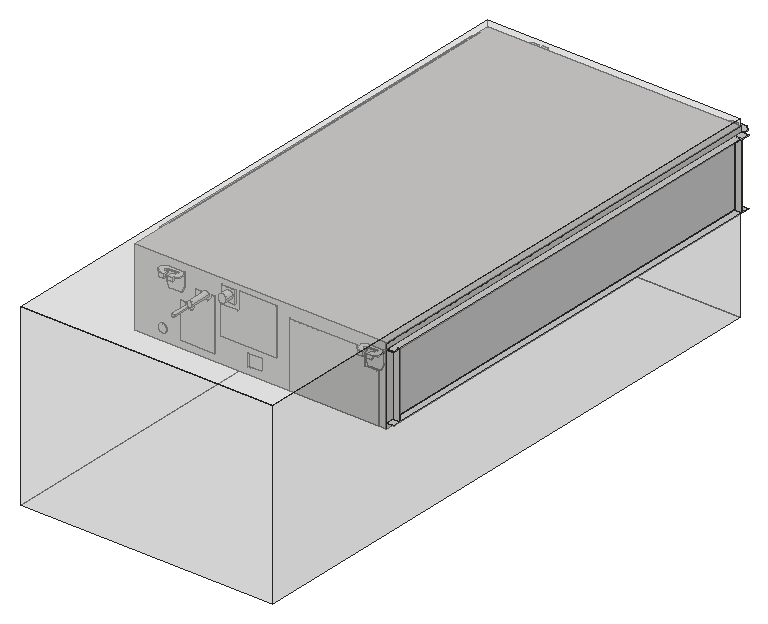
Revit family "outputfile", category 機械設備, Revit 2024
Family settings
  丸型コネクタ寸法 = 半径を使用
  パーツ タイプ = 標準
  OmniClass 番号 = 23.75.10.24.21.27.27
  OmniClass タイトル = Split System Air Conditioning Units
  作業面ベース = いいえ
  常に垂直 = はい
  ロード時にボイドで切り取り = いいえ
  注釈の向きを維持 = いいえ
  共有 = いいえ
  部屋計算ポイント = はい
Parameters (values of type "FBA125BVMA")
  製造元 = "Daikin"
  書き出し IFC クラス(タイプ) = "IfcUnitaryEquipmentType"
  定義済み IFC タイプ(タイプ) = "AIRCONDITIONINGUNIT"
  モデル = "FBA125BVMA"
  switch_frequency = yes
  r_Liquid Pipe Size = Liquid Pipe Size / 2  # 4.75 mm
  r_Gas Pipe Size = Gas Pipe Size / 2  # 7.95 mm
  r_Drain Pipe Size = Drain Pipe Size / 2  # 12.5 mm
  lw_power = 770.0 mm  # constant formula
  lh_SA = 138.0 mm  # constant formula
  lw_SA = if(Width = 550.0 mm, 225.0 mm, if(Width = 700.0 mm, 300.0 mm, if(Width = 1000.0 mm, 450.0 mm, if(Width = 1400.0 mm, 650.0 mm, 725.0 mm))))  # 650.0 mm
  lw_RA = if(Width = 550.0 mm, 275.0 mm, if(Width = 700.0 mm, 349.0 mm, if(Width = 1000.0 mm, 499.0 mm, if(Width = 1400.0 mm, 699.0 mm, 775.0 mm))))  # 699.0 mm
  lh_power = 60.0 mm + [h***]  # 60.0 mm
  lh_mountinghole1 = lh_mountinghole + [h***]  # 222.0 mm
  lh_RA = 123.0 mm  # constant formula
  ld_power = Width / 2  # 700.0 mm
  connector_voltage = Voltage_50Hz  # 230 V
  connector_powerinput = [Power Input (Cooling)]  # 4.440 kW
  connector_phase = Phase_50Hz  # 1
  Voltage_comment_60Hz = "220-230"
  Voltage_comment_50Hz = "220 - 240"
  Voltage_60Hz = 220 V
  Voltage_50Hz = 230 V
  Total Heating Capacity [instance] = 0.000 kW
  Supply Air Direction [instance] = yes
  Sound Power Level_H speed (dB) = 0
  Power Input (Heating) = 0.000 kW
  Phase_60Hz = 1
  Phase_50Hz = 1
  Nominal Heating Capacity = 0.000 kW
  Minimum External Static Pressure = 0.00 Pa
  Minimum Circuit Amps_60Hz = 0.0 A
  Minimum Circuit Amps_50Hz = 0.0 A
  Maximum Fuse Amps_60Hz = 0.0 A
  Maximum Fuse Amps_50Hz = 0.0 A
  Maximum External Static Pressure = 0.00 Pa
  Material_Casing = DAIKIN_GalvanizedSteel_Casing_indoorunit
  lw_mountinghole = 630.0 mm  # constant formula
  lh_gaspipe = 183.0 mm + [h***]  # 183.0 mm
  lh_mountinghole = 222.0 mm  # constant formula
  lh_liquidpipe = 136.0 mm + [h***]  # 136.0 mm
  lh_drainpipe = 207.0 mm + [h***]  # 207.0 mm
  lh_antena = Height - lh_mountinghole + 1.0 mm  # 24.0 mm
  ld_drainpipe = Width / 2 + 26.0 mm  # 726.0 mm
  ld_liquidpipe = Width / 2 + 69.0 mm  # 769.0 mm
  ld_gaspipe = Width / 2 + 65.0 mm  # 765.0 mm
  ld_mountinghole = Width + 38.0 mm  # 1438.0 mm
  h*** = 0.0 mm  # constant formula
  lw_liquidpipe = 179.0 mm  # constant formula
  lw_gaspipe = 229.0 mm  # constant formula
  lw_drainpipe = 300.0 mm  # constant formula
  Width = 1400.0 mm
  Version = "ver.1.0"
  Unit Type = "Duct"
  Unit Mass Weight = 47.00 kg
  Unit Designation [instance] = ""
  Uniclass2015Version = "Products v1.30"
  Uniclass2015Title = "Split coil room air conditioning units"
  Uniclass2015Code = "Pr_70_65_03_86"
  Total Cooling Capacity [instance] = 0.000 kW
  Sound Pressure Level_M speed (dBA) = 37.5
  Sound Pressure Level_L speed (dBA) = 35
  Sound Pressure Level_H speed (dBA) = 40
  Series = "SkyAir_Fan Coil Unit"
  Sensible Cooling Capacity [instance] = 0.000 kW
  SA Duct Size Width = 1192.0 mm
  SA Duct Size Height = 176.0 mm
  Refrigerant Type = "R32"
  RA Duct Size Width = 1352.0 mm
  RA Duct Size Height = 208.0 mm
  Power Input (Cooling) = 4.440 kW
  Option Accessory 3 [instance] = ""
  Option Accessory 2 [instance] = ""
  Option Accessory 1 [instance] = ""
  Nominal Cooling Capacity = 12.500 kW
  Minimum Airflow = 1500.00 m³/h
  Median Airflow = 1830.00 m³/h
  Maximum Airflow = 2160.00 m³/h
  Load Classification = HVAC
  Liquid Pipe Size = 9.5 mm
  Link_Nested Family [instance] = ""
  IfcVersion = ""
  IfcExportType = "AIRCONDITIONINGUNIT"
  IfcExportAs = "IfcUnitaryEquipmentType"
  Height = 245.0 mm
  Heating Entering Wet Bulb Temperature [instance] = -273.15 °C
  Heating Entering Dry Bulb Temperature [instance] = -273.15 °C
  Heating Ambient Wet Bulb Temperature [instance] = -273.15 °C
  Heating Ambient Dry Bulb Temperature [instance] = -273.15 °C
  Heat Exchanger Type = "Cross Fin Coil"
  Gas Pipe Size = 15.9 mm
  Frequency_60Hz = 60 Hz
  Frequency_50Hz = 50 Hz
  Fan Type = "Sirocco Fan"
  Fan Drive = "-"
  FCU Tag No. [instance] = ""
  Drain Pipe Size = 25.0 mm
  Design Supply Airflow [instance] = 0.00 m³/h
  Design Return Airflow [instance] = 0.00 m³/h
  Design External Static Pressure [instance] = 0.00 Pa
  Depth = 800.0 mm
  既定の高さ = 0.0 mm
  Cooling Entering Wet Bulb Temperature [instance] = 0.00 °C
  Cooling Entering Dry Bulb Temperature [instance] = 0.00 °C
  Cooling Ambient Wet Bulb Temperature [instance] = 0.00 °C
  Cooling Ambient Dry Bulb Temperature [instance] = 0.00 °C
  Clearance visibility [instance] = yes
  Clearance Top = 20.0 mm
  Clearance Right = 0.0 mm
  Clearance Rear = 0.0 mm
  Clearance Left = 0.0 mm
  Clearance Front = 450.0 mm
  Clearance Bottom = 300.0 mm
Reference planes
  plane 1 "Center (Front/Back)": y = 0
  plane 2 "h": z = 0
  plane 3 "Center (Left/Right)": x = 0
  plane 4 "Back": y = 700
  plane 5 "Front": y = -700
  plane 6 "Left": x = -400
  plane 7 "Right": x = 400
  plane 8 "Top": z = 0
  plane 9 "Bottom": z = -245
  plane 10: y = -215
  plane 11: y = 700
  plane 12: y = -1150
  plane 13: x = -400
  plane 14: x = 400
  plane 15: z = 20
  plane 16: z = -545
  plane 17: x = -400
  plane 18: x = -399
  plane 19: x = 399
  plane 20: y = 50
  plane 21: y = -1
  plane 22: z = -122
  plane 23: y = -701
  plane 24: z = -109
  plane 25: x = -221
  plane 26: y = -765
  plane 27: z = -62
  plane 28: x = -171
  plane 29: y = -726
  plane 30: z = -38
  plane 31: x = -100
  plane 32: x = -100
  plane 33: x = -221
  plane 34: x = -171
  plane 35: x = 370
  plane 36: x = -266
  plane 37: x = 364
  plane 38: y = -719
  plane 39: y = 719
  plane 40: z = -23
  plane 41: z = -107
  plane 42: y = -769
  plane 43: z = -207
  plane 44: x = -309
  plane 45: y = -376
  plane 46: x = -251
  plane 47: x = -203
  plane 48: x = -144
  plane 49: z = -59
  plane 50: z = -106
  plane 51: z = -221
  plane 52: z = -109
  plane 53: x = -221
  plane 54: z = -62
  plane 55: x = -171
  plane 56: z = -17
  plane 57: z = -59
  plane 58: x = -121
  plane 59: x = -79
  plane 60: x = -125
  plane 61: x = -64
  plane 62: x = 53
  plane 63: z = -164
  plane 64: z = -73
  plane 65: z = -16
  plane 66: x = 93.5
  plane 67: x = 374.5
  plane 68: x = 330
  plane 69: z = -88.5
  plane 70: z = -38
  plane 71: z = -242.5
  plane 72: x = -38.5
  plane 73: x = 6.5
  plane 74: z = -181
  plane 75: z = -221
  plane 76: y = -699
  plane 77: x = -424
  plane 78: x = 424
Forms (mm)
  Extrusion 1, solid, material "DAIKIN_GalvanizedSteel_Casing_indoorunit" <- "Material_Casing"
    sketch origin (0, 0, 0) x (1, 0, 0) y (0, 1, 0)
      loop
        line (-399, 700) -> (-399, -700) -> (399, -700) -> (399, 700) -> (-399, 700)
    from -245 to 0
  Extrusion 2, solid, material "DAIKIN_GalvanizedSteel_Casing_indoorunit" <- "Material_Casing"
    sketch origin (0, 0, 0) x (1, 0, 0) y (0, 0, 1)
      loop
        line (-251, -221) -> (-144, -221) -> (-144, -59) -> (-154.47, -59)
        arc (-154.47, -59) -> (-171, -78.8) -> (-187.53, -59) r 16.8
        line (-187.53, -59) -> (-203, -59) -> (-203, -106) -> (-206.916, -106)
        arc (-206.916, -106) -> (-221, -123.4) -> (-235.084, -106) r 14.4
        line (-235.084, -106) -> (-251, -106) -> (-251, -221)
    from 700 to 701
  Extrusion 3, solid, material "DAIKIN_GalvanizedSteel_Casing_indoorunit" <- "Material_Casing"
    sketch origin (0, 0, 0) x (1, 0, 0) y (0, 0, 1)
      loop
        line (-121, -17) -> (-121, -59) -> (-79, -59) -> (-79, -17) -> (-121, -17)
      loop
        line (-125, -73) -> (-125, -164) -> (53, -164) -> (53, -16) -> (-64, -16) -> (-64, -73) -> (-125, -73)
    from 700 to 701
  Extrusion 4, solid, material "DAIKIN_GalvanizedSteel_Casing_indoorunit" <- "Material_Casing"
    sketch origin (0, 0, 0) x (1, 0, 0) y (0, 0, 1)
      loop
        line (93.5, -38) -> (93.5, -242.5) -> (374.5, -242.5) -> (374.5, -88.5) -> (330, -88.5) -> (330, -38) -> (93.5, -38)
    from 700 to 701
  Extrusion 5, solid, material "DAIKIN_GalvanizedSteel_Casing_indoorunit" <- "Material_Casing"
    sketch origin (0, 0, 0) x (1, 0, 0) y (0, 0, 1)
      loop
        circle (-221, -109) r 4.75
    from 700 to 769
  Extrusion 6, solid, material "DAIKIN_GalvanizedSteel_Casing_indoorunit" <- "Material_Casing"
    sketch origin (0, 0, 0) x (1, 0, 0) y (0, 0, 1)
      loop
        circle (-171, -62) r 7.95
    from 700 to 765
  Extrusion 7, solid, material "DAIKIN_GalvanizedSteel_Casing_indoorunit" <- "Material_Casing"
    sketch origin (0, 0, 0) x (1, 0, 0) y (0, 0, 1)
      loop
        circle (-100, -38) r 12.5
    from 701 to 726
  Extrusion 8, solid, material "DAIKIN_GalvanizedSteel_Casing_indoorunit" <- "Material_Casing"
    sketch origin (0, 0, 0) x (1, 0, 0) y (0, 0, 1)
      loop
        circle (-309, -207) r 13
    from 700 to 526
  Extrusion 9, void
    sketch origin (0, 0, 0) x (1, 0, 0) y (0, 0, 1)
      loop
        line (-38.5, -181) -> (-38.5, -221) -> (6.5, -221) -> (6.5, -181) -> (-38.5, -181)
    from 699 to 700
Cuts and joins
  Extrusion 9 cuts Extrusion 1
Dimensions and locks
  "Height": plane 8 "Top" to plane 9 "Bottom"
  equal spacing: plane 4 "Back", plane 1 "Center (Front/Back)", plane 5 "Front"
  "Width": plane 4 "Back" to plane 5 "Front"
  equal spacing: plane 6 "Left", plane 3 "Center (Left/Right)", plane 7 "Right"
  "Depth": plane 6 "Left" to plane 7 "Right"
  "Clearance Left": plane 13 to plane 6 "Left"
  "Clearance Right": plane 7 "Right" to plane 14
  "Clearance Rear": plane 11 to plane 4 "Back"
  "Clearance Front": plane 5 "Front" to plane 12
  "Clearance Top": plane 15 to plane 8 "Top"
  "Clearance Bottom": plane 9 "Bottom" to plane 16
  locked: plane 17 to plane 18 at 1
  locked: plane 19 to plane 14 at 1
  "lw_SA": plane 11 to plane 20
  "lw_RA": plane 21 to plane 5 "Front"
  "lh_RA": plane 22 to plane 9 "Bottom"
  locked: plane 5 "Front" to plane 23 at 1
  "lw_liquidpipe": plane 25 to plane 6 "Left"
  "lh_liquidpipe": plane 24 to plane 9 "Bottom"
  "lh_gaspipe": plane 27 to plane 9 "Bottom"
  "lw_gaspipe": plane 28 to plane 6 "Left"
  "ld_gaspipe": plane 26 to plane 1 "Center (Front/Back)"
  "ld_drainpipe": plane 29 to plane 1 "Center (Front/Back)"
  "lh_drainpipe": plane 30 to plane 9 "Bottom"
  "lw_drainpipe": plane 31 to plane 6 "Left"
  "lw_drainpipe": plane 6 "Left" to plane 32
  "lw_liquidpipe": plane 6 "Left" to plane 33
  "lw_gaspipe": plane 6 "Left" to plane 34
  "lw_power": plane 6 "Left" to plane 35
  locked: plane 17 to plane 36 at 134
  "lw_mountinghole": plane 36 to plane 37
  equal spacing: plane 38, plane 1 "Center (Front/Back)", plane 39
  "ld_mountinghole": plane 39 to plane 38
  "lh_mountinghole": plane 40 to plane 9 "Bottom"
  "lh_SA": plane 41 to plane 9 "Bottom"
  locked: plane 44 to plane 6 "Left" at 91
  locked: plane 43 to plane 9 "Bottom" at 38
  plane 48 to plane 47 to plane 46 to plane 6 "Left" = 59.0 mm, 48.0 mm, 149.0 mm
  plane 8 "Top" to plane 49 to plane 50 to plane 51 = 59.0 mm locked, 47.0 mm locked, 115.0 mm locked
  plane 55 to plane 53 to plane 6 "Left" = 50.0 mm locked, 179.0 mm locked
  plane 54 to plane 52 to plane 9 "Bottom" = 47.0 mm locked, 136.0 mm locked
  plane 59 to plane 58 to plane 6 "Left" = 42.0 mm locked, 279.0 mm locked
  plane 8 "Top" to plane 56 to plane 57 = 17.0 mm locked, 42.0 mm locked
  plane 62 to plane 61 to plane 60 to plane 6 "Left" = 117.0 mm, 61.0 mm, 275.0 mm
  plane 8 "Top" to plane 65 to plane 64 = 16.0 mm locked, 57.0 mm locked
  locked: plane 65 to plane 63 at 148
  plane 8 "Top" to plane 70 to plane 69 to plane 71 = 38.0 mm locked, 50.5 mm locked, 154.0 mm locked
  plane 67 to plane 68 to plane 66 to plane 6 "Left" = 44.5 mm locked, 236.5 mm locked, 493.5 mm locked
  plane 8 "Top" to plane 74 to plane 75 = 181.0 mm locked, 40.0 mm locked
  plane 73 to plane 72 to plane 6 "Left" = 45.0 mm, 361.5 mm
  locked: plane 76 to plane 5 "Front" at 1
  locked: plane 77 to plane 17 at 24
  locked: plane 14 to plane 78 at 24
  "ld_liquidpipe": plane 42 to plane 1 "Center (Front/Back)"
  "r_Liquid Pipe Size": radius of Extrusion 5 sketch curve
  "r_Gas Pipe Size": radius of Extrusion 6 sketch curve
  "r_Drain Pipe Size": radius of Extrusion 7 sketch curve
  aligned and locked: level to plane 2 "h"
  aligned and locked: plane 8 "Top" to Extrusion 1
  aligned and locked: Extrusion 1 to plane 9 "Bottom"
  aligned and locked: nested 5 to plane 12
  aligned and locked: plane 13 to nested 5
  aligned and locked: plane 14 to nested 5
  aligned and locked: nested 5 to plane 13
  aligned and locked: plane 11 to nested 5
  aligned and locked: plane 15 to nested 5
  aligned and locked: plane 16 to nested 5
  aligned and locked: plane 5 "Front" to Extrusion 1 sketch curve
  aligned and locked: Extrusion 1 to plane 18
  aligned and locked: plane 19 to Extrusion 1
  aligned and locked: nested 7 to plane 18
  aligned and locked: nested 7 to plane 20
  aligned and locked: plane 19 to nested 8
  aligned and locked: plane 21 to nested 8
  aligned and locked: plane 22 to nested 8
  aligned and locked: Extrusion 2 to plane 23
  aligned and locked: plane 5 "Front" to Extrusion 2
  aligned and locked: Extrusion 3 to plane 23
  aligned and locked: plane 5 "Front" to Extrusion 3
  aligned and locked: plane 5 "Front" to Extrusion 4
  aligned and locked: Extrusion 5 sketch curve to plane 25
  aligned and locked: plane 24 to Extrusion 5 sketch curve
  aligned and locked: plane 5 "Front" to Extrusion 5
  aligned and locked: Extrusion 6 sketch curve to plane 28
  aligned and locked: plane 27 to Extrusion 6 sketch curve
  aligned and locked: plane 5 "Front" to Extrusion 6
  aligned and locked: Extrusion 7 sketch curve to plane 31
  aligned and locked: Extrusion 7 sketch curve to plane 30
  aligned and locked: Extrusion 7 to plane 29
  aligned and locked: plane 23 to Extrusion 7
  aligned and locked: nested 3 to plane 29
  aligned and locked: nested 3 to plane 32
  aligned and locked: nested 2 to plane 33
  aligned and locked: nested 1 to plane 34
  aligned and locked: Extrusion 6 to plane 26
  aligned and locked: nested 1 to plane 26
  aligned and locked: nested 6 to plane 5 "Front"
  aligned and locked: nested 6 to plane 35
  aligned and locked: plane 36 to nested 10
  aligned and locked: nested 10 to plane 5 "Front"
  aligned and locked: plane 37 to nested 9
  aligned and locked: nested 9 to plane 5 "Front"
  aligned and locked: nested 11 to plane 36
  aligned and locked: plane 4 "Back" to nested 11
  aligned and locked: nested 12 to plane 37
  aligned and locked: plane 4 "Back" to nested 12
  aligned and locked: plane 40 to nested 10
  aligned and locked: plane 40 to nested 11
  aligned and locked: plane 40 to nested 9
  aligned and locked: plane 40 to nested 12
  aligned and locked: plane 36 to nested 14
  aligned and locked: nested 14 to plane 39
  aligned and locked: plane 37 to nested 13
  aligned and locked: nested 13 to plane 39
  aligned and locked: plane 37 to nested 16
  aligned and locked: plane 38 to nested 16
  aligned and locked: plane 38 to nested 15
  aligned and locked: plane 36 to nested 15
  aligned and locked: plane 17 to plane 6 "Left"
  aligned and locked: plane 41 to nested 7
  aligned and locked: Extrusion 5 to plane 42
  aligned and locked: nested 2 to plane 42
  aligned and locked: Extrusion 8 sketch curve to plane 44
  aligned and locked: plane 43 to Extrusion 8 sketch curve
  aligned and locked: plane 5 "Front" to Extrusion 8
  aligned and locked: Extrusion 3 sketch curve to plane 56
  aligned and locked: Extrusion 3 sketch curve to plane 58
  aligned and locked: plane 57 to Extrusion 3 sketch curve
  aligned and locked: plane 59 to Extrusion 3 sketch curve
  aligned and locked: Extrusion 4 to plane 23
  aligned and locked: Extrusion 9 sketch curve to plane 74
  aligned and locked: plane 75 to Extrusion 9 sketch curve
  aligned and locked: plane 73 to Extrusion 9 sketch curve
  aligned and locked: plane 5 "Front" to Extrusion 9
  aligned and locked: plane 76 to Extrusion 9
  aligned and locked: nested 17 to plane 20
  aligned and locked: nested 17 to plane 77
  aligned and locked: plane 21 to nested 18
  aligned and locked: plane 78 to nested 18
  aligned and locked: plane 41 to nested 17
  aligned and locked: nested 18 to plane 22
  aligned and locked: nested 4 to plane 3 "Center (Left/Right)"
  aligned and locked: plane 1 "Center (Front/Back)" to nested 4
  aligned and locked: level to plane 8 "Top"
Automatic sketch dimensions
  plane 6 "Left" to Extrusion 1 sketch curve = 1.0 mm
  Extrusion 1 sketch curve to plane 7 "Right" = 1.0 mm
  Extrusion 1 sketch curve to plane 4 "Back" = 0.0 mm
  Extrusion 2 sketch curve to plane 46 = 0.0 mm
  Extrusion 2 sketch curve to plane 33 = 0.0 mm
  Extrusion 2 sketch curve to plane 47 = 0.0 mm
  Extrusion 2 sketch curve to plane 34 = 0.0 mm
  Extrusion 2 sketch curve to plane 48 = 0.0 mm
  Extrusion 2 sketch curve to plane 51 = 0.0 mm
  Extrusion 2 sketch curve to plane 52 = 0.0 mm
  Extrusion 2 sketch curve to plane 50 = 0.0 mm  (x3)
  Extrusion 2 sketch curve to plane 54 = 0.0 mm
  Extrusion 2 sketch curve to plane 49 = 0.0 mm  (x3)
  plane 33 to Extrusion 2 sketch curve = 14.084 mm
  plane 34 to Extrusion 2 sketch curve = 16.53 mm
  Extrusion 3 sketch curve to plane 60 = 0.0 mm
  Extrusion 3 sketch curve to plane 61 = 0.0 mm
  Extrusion 3 sketch curve to plane 62 = 0.0 mm
  Extrusion 3 sketch curve to plane 63 = 0.0 mm
  Extrusion 3 sketch curve to plane 64 = 0.0 mm
  Extrusion 3 sketch curve to plane 65 = 0.0 mm
  Extrusion 4 sketch curve to plane 66 = 0.0 mm
  Extrusion 4 sketch curve to plane 68 = 0.0 mm
  Extrusion 4 sketch curve to plane 67 = 0.0 mm
  Extrusion 4 sketch curve to plane 71 = 0.0 mm
  Extrusion 4 sketch curve to plane 69 = 0.0 mm
  Extrusion 4 sketch curve to plane 70 = 0.0 mm
  Extrusion 9 sketch curve to plane 72 = 0.0 mm
  radius of Extrusion 8 sketch curve = 13.0 mm
Nested families
  nested 1: "daikin_connector_rotate2" at (-171, 0, -62), length <- "ld_gaspipe", built-in parameter 1001364 <- "lh_gaspipe", radius <- "r_Gas Pipe Size", type "daikin_connector_rotate2"
    with radius 7.95 mm, length 765.0 mm, angle_vertical 90.00°
  nested 2: "daikin_connector_rotate2" at (-221, 0, -109), length <- "ld_liquidpipe", built-in parameter 1001364 <- "lh_liquidpipe", radius <- "r_Liquid Pipe Size", type "daikin_connector_rotate2"
    with radius 4.75 mm, length 769.0 mm, angle_vertical 90.00°
  nested 3: "daikin_connector_rotate2" at (-100, 0, -38), length <- "ld_drainpipe", built-in parameter 1001364 <- "lh_drainpipe", radius <- "r_Drain Pipe Size", type "daikin_connector_rotate2"
    with radius 12.5 mm, length 726.0 mm, angle_vertical 90.00°
  nested 4: "daikin_△_symbolicline" at (0, 0, 245) x (0, -1, 0) z (0, 0, 1), built-in parameter 1001364 <- "Height", visible <- "Supply Air Direction", type "daikin_△_symbolicline"
    with length 200.0 mm
  nested 5: "daikin_clearancespace" at (0, -225, -262.381), visible <- "Clearance visibility", show <- "Clearance visibility", Link_Nested Family <- "Link_Nested Family", type "daikin_clearancespace"
    with width 800.0 mm, show yes, height 565.0 mm, depth 1850.0 mm, Link_Nested Family ""
  nested 6: "daikin_connector_rotate2" at (370, 0, -185), built-in parameter 1001364 <- "lh_power", length <- "ld_power", type "daikin_connector_rotate2"
    with radius 10.0 mm, length 700.0 mm, angle_vertical 90.00°
  nested 7: "daikin_ductflange_FBA-BVMA2" at (-399, 50, -107) x (0, -1, 0) z (0, 0, 1), type "daikin_ductflange_FBA-BVMA2"
  nested 8: "daikin_ductflange_FBA-BVMA" at (399, -1, -122) x (0, 1, 0) z (0, 0, 1), type "daikin_ductflange_FBA-BVMA"
    with width 1352.0 mm, lw 25.0 mm, w 1400.0 mm
  nested 9: "daikin_hangerfixture_FBA-BVMA" at (364, -700, -23), type "daikin_hangerfixture_FBA-BVMA"
  nested 10: "daikin_hangerfixture_FBA-BVMA" at (-266, -700, -23), type "daikin_hangerfixture_FBA-BVMA"
  nested 11: "daikin_hangerfixture_FBA-BVMA" at (-266, 700, -23) x (-1, 0, 0) z (0, 0, 1), type "daikin_hangerfixture_FBA-BVMA"
  nested 12: "daikin_hangerfixture_FBA-BVMA" at (364, 700, -23) x (-1, 0, 0) z (0, 0, 1), type "daikin_hangerfixture_FBA-BVMA"
  nested 13: "daikin_mountinghole" at (364, 719, -245), h_mountinghole <- "lh_mountinghole1", l_antenna <- "lh_antena", Link_Nested Family <- "Link_Nested Family", type "daikin_mountinghole"
    with show yes, l_antenna 24.0 mm, h_mountinghole 222.0 mm, Link_Nested Family ""
  nested 14: "daikin_mountinghole" at (-266, 719, -245), h_mountinghole <- "lh_mountinghole1", l_antenna <- "lh_antena", Link_Nested Family <- "Link_Nested Family", type "daikin_mountinghole"
    with show yes, l_antenna 24.0 mm, h_mountinghole 222.0 mm, Link_Nested Family ""
  nested 15: "daikin_mountinghole" at (-266, -719, -245), h_mountinghole <- "lh_mountinghole1", l_antenna <- "lh_antena", Link_Nested Family <- "Link_Nested Family", type "daikin_mountinghole"
    with show yes, l_antenna 24.0 mm, h_mountinghole 222.0 mm, Link_Nested Family ""
  nested 16: "daikin_mountinghole" at (364, -719, -245), h_mountinghole <- "lh_mountinghole1", l_antenna <- "lh_antena", Link_Nested Family <- "Link_Nested Family", type "daikin_mountinghole"
    with show yes, l_antenna 24.0 mm, h_mountinghole 222.0 mm, Link_Nested Family ""
  nested 17: "daikin_connector_rotate2" at (-400, 50, -107) x (0, -1, 0) z (0, 0, 1), type "daikin_connector_rotate2"
    with radius 10.0 mm, length 24.0 mm, angle_vertical 90.00°
  nested 18: "daikin_connector_rotate2" at (400, -1, -122) x (0, 1, 0) z (0, 0, 1), type "daikin_connector_rotate2"
    with radius 10.0 mm, length 24.0 mm, angle_vertical 90.00°
Connectors
  piping at (-100, -726, -38), diameter 25, driven by "r_Drain Pipe Size"
    settings: on nested 3, index 3, connector inside diameter 609.6 mm, connector length 0.0 mm, flow factor 0, pipe flow 0.00 m³/h, pressure drop 0.0 Pa, fitting loss kfactor 0, connector angle 0.00°, fixture units 0, engagement length 0.0 mm, angle of deflection 0.00°, flow configuration 1, flow direction 2, fitting loss method 4, system type 16, joint type 0, gender type 0, connector reference index -1, connector utility 0, adjustable connector no, is connector primary yes, connector description "Condensate Drain Piping"
  piping at (-171, -765, -62), diameter 15.9, driven by "r_Gas Pipe Size"
    settings: on nested 1, index 4, connector inside diameter 609.6 mm, connector length 0.0 mm, flow factor 0, pipe flow 0.00 m³/h, pressure drop 0.0 Pa, fitting loss kfactor 0, connector angle 0.00°, fixture units 0, engagement length 0.0 mm, angle of deflection 0.00°, flow configuration 1, flow direction 2, fitting loss method 0, system type 29, joint type 0, gender type 0, connector reference index -1, connector utility 0, adjustable connector no, is connector primary no, connector description "Refrigerant Gas Piping"
  piping at (-221, -769, -109), diameter 9.5, driven by "r_Liquid Pipe Size"
    settings: on nested 2, index 5, connector inside diameter 609.6 mm, connector length 0.0 mm, flow factor 0, pipe flow 0.00 m³/h, pressure drop 0.0 Pa, fitting loss kfactor 0, connector angle 0.00°, fixture units 0, engagement length 0.0 mm, angle of deflection 0.00°, flow configuration 1, flow direction 1, fitting loss method 0, system type 29, joint type 0, gender type 0, connector reference index -1, connector utility 0, adjustable connector no, is connector primary no, connector description "Refrigerant Liquid Piping"
  electrical at (370, -700, -185), driven by "Load Classification", driven by "connector_voltage", driven by "connector_phase", driven by "connector_powerinput"
    settings: on nested 6, index 6, voltage 230 V, apparent load 4440 VA, apparent load phase1 0 VA, apparent load phase2 0 VA, apparent load phase3 0 VA, power factor 1, load classification "HVAC", number of poles 1, system type 30, power factor state 1, is connector primary yes, connector utility no, sub classification motor no, connector description "Power Supply"
  hvac at (-424, 50, -107), driven by "SA Duct Size Height", driven by "SA Duct Size Width"
    settings: on nested 17, index 7, duct flow 0.00 m³/h, flow factor 0, pres drop 0.00 Pa, loss coef 0, conn angle 0.00°, conn width 1192.0 mm, conn height 176.0 mm, conn diameter 609.6 mm, duct sys type 1, conn prof type 1, flow config 0, flow direction 2, loss method 4, conn ref index -1, conn util no, is conn primary yes, conn desc "SA Duct"
  hvac at (424, -1, -122), driven by "RA Duct Size Height", driven by "RA Duct Size Width"
    settings: on nested 18, index 8, duct flow 0.00 m³/h, flow factor 0, pres drop 0.00 Pa, loss coef 0, conn angle 0.00°, conn width 1352.0 mm, conn height 208.0 mm, conn diameter 609.6 mm, duct sys type 2, conn prof type 1, flow config 0, flow direction 1, loss method 4, conn ref index -1, conn util no, is conn primary no, conn desc "RA Duct"
Definition of nested family "daikin_clearancespace"
  Parameters (values of type "daikin_clearancespace")
    Description = "daikin_clearancespace"
    width [instance] = 1823.963 mm
    show [instance] = yes
    material = none
    height [instance] = 1359.762 mm
    depth [instance] = 880.0 mm
    Default Elevation = 0.0 mm
    Link_Nested Family [instance] = ""
  Reference planes
    plane 1 "Center (Front/Back)": y = 0
    plane 2 "Center (Elevation)": z = -0.119
    plane 3 "Center (Left/Right)": x = 0
    plane 4: y = 440
    plane 5: y = -440
    plane 6 "Right": x = 911.982
    plane 7 "Left": x = -911.982
    plane 8 "Top": z = 679.762
    plane 9 "Bottom": z = -680
  Forms (mm)
    Extrusion 1, solid, material <- "material", visible <- "show"
      sketch origin (0, 0, 0) x (1, 0, 0) y (0, 1, 0)
        loop
          line (-911.982, 440) -> (-911.982, -440) -> (911.982, -440) -> (911.982, 440) -> (-911.982, 440)
      from -680 to 679.762
  Lines and regions (mm)
    symbolic lines, visible <- "show"
      curve 1: line (911.982, 440, 0) -> (-911.982, 440, 0)
      curve 2: line (-911.982, 440, 0) -> (-911.982, -440, 0)
      curve 3: line (-911.982, -440, 0) -> (911.982, -440, 0)
      curve 4: line (911.982, -440, 0) -> (911.982, 440, 0)
      curve 5: line (911.982, 0, 679.762) -> (-911.982, 0, 679.762)
      curve 6: line (911.982, 0, -680) -> (911.982, 0, 679.762)
      curve 7: line (-911.982, 0, -680) -> (911.982, 0, -680)
      curve 8: line (-911.982, 0, 679.762) -> (-911.982, 0, -680)
      curve 9: line (0, 440, 679.762) -> (0, -440, 679.762)
      curve 10: line (0, -440, 679.762) -> (0, -440, -680)
      curve 11: line (0, 440, -680) -> (0, 440, 679.762)
      curve 12: line (0, -440, -680) -> (0, 440, -680)
  Dimensions and locks
    "width": plane 7 "Left" to plane 6 "Right"
    "depth": plane 4 to plane 5
    "height": plane 8 "Top" to plane 9 "Bottom"
    equal spacing: plane 7 "Left", plane 3 "Center (Left/Right)", plane 6 "Right"
    equal spacing: plane 4, plane 1 "Center (Front/Back)", plane 5
    equal spacing: plane 8 "Top", plane 2 "Center (Elevation)", plane 9 "Bottom"
    aligned and locked: level to plane 2 "Center (Elevation)"
    aligned and locked: Extrusion 1 sketch curve to plane 4
    aligned and locked: plane 7 "Left" to Extrusion 1 sketch curve
    aligned and locked: Extrusion 1 sketch curve to plane 5
    aligned and locked: Extrusion 1 sketch curve to plane 6 "Right"
    aligned and locked: plane 8 "Top" to Extrusion 1
    aligned and locked: curve 1 to Extrusion 1
    aligned and locked: curve 2 to Extrusion 1
    aligned and locked: curve 3 to Extrusion 1
    aligned and locked: curve 4 to Extrusion 1
    aligned and locked: curve 5 to Extrusion 1
    aligned and locked: curve 6 to Extrusion 1
    aligned and locked: curve 7 to Extrusion 1
    aligned and locked: curve 8 to Extrusion 1
    aligned and locked: curve 9 to Extrusion 1
    aligned and locked: curve 10 to Extrusion 1
    aligned and locked: curve 11 to Extrusion 1
    aligned and locked: curve 12 to Extrusion 1
    aligned and locked: Extrusion 1 to plane 9 "Bottom"
Definition of nested family "daikin_ductflange_FBA-BVMA2"
  Parameters (values of type "daikin_ductflange_FBFC-DVMG2")
    width = if(w = 550.0 mm, 337.0 mm, if(w = 700.0 mm, 492.0 mm, if(w = 1000.0 mm, 792.0 mm, if(w = 1400.0 mm, 1192.0 mm, 1337.0 mm))))  # 1192.0 mm
    material = none
    height = 215.0 mm
    depth = 1.0 mm
    w = 1400.0 mm
    Default Elevation = 0.0 mm
  Reference planes
    plane 1 "Center (Front/Back)": y = 0
    plane 2: z = 0
    plane 3 "Center (Left/Right)": x = 0
    plane 4: z = 88
    plane 5: z = -88
    plane 6: y = -25
    plane 7: z = 106
    plane 8: z = 89
    plane 9: y = -1
    plane 10: x = -617.5
    plane 11: x = 617.5
    plane 12: z = -106
    plane 13: z = -89
    plane 14: y = -1
    plane 15: x = 596
    plane 16: x = -596
    plane 17: x = 597
    plane 18: z = 87
    plane 19: z = -87
    plane 20: x = -597
    plane 21: z = 87
    plane 22: z = -87
    plane 23: y = -1
  Forms (mm)
    Extrusion 1, solid, material <- "material"
      sketch origin (0, 0, 0) x (0, 1, 0) y (0, 0, 1)
        loop
          line (-25, 88) -> (0, 88) -> (0, 106) -> (-1, 106) -> (-1, 89) -> (-25, 89) -> (-25, 88)
      from -617.5 to 617.5
    Extrusion 2, solid, material <- "material"
      sketch origin (0, 0, 0) x (0, 1, 0) y (0, 0, 1)
        loop
          line (-25, -88) -> (-25, -89) -> (-1, -89) -> (-1, -106) -> (0, -106) -> (0, -88) -> (-25, -88)
      from -617.5 to 617.5
    Extrusion 3, solid, material <- "material"
      sketch origin (0, 0, 0) x (1, 0, 0) y (0, 0, 1)
        loop
          line (596, 88) -> (596, -88) -> (617.5, -88) -> (617.5, -87) -> (597, -87) -> (597, 87) -> (617.5, 87) -> (617.5, 88) -> (596, 88)
      from 0 to 25
    Extrusion 4, solid, material <- "material"
      sketch origin (0, 0, 0) x (1, 0, 0) y (0, 0, 1)
        loop
          line (-617.5, 88) -> (-617.5, 87) -> (-597, 87) -> (-597, -87) -> (-617.5, -87) -> (-617.5, -88) -> (-596, -88) -> (-596, 88) -> (-617.5, 88)
      from 0 to 25
    Extrusion 5, solid, material <- "material"
      sketch origin (0, 0, 0) x (1, 0, 0) y (0, 0, 1)
        loop
          line (-617.5, 88) -> (-617.5, -88) -> (-596, -88) -> (-596, 88) -> (-617.5, 88)
        loop
          line (617.5, 88) -> (596, 88) -> (596, -88) -> (617.5, -88) -> (617.5, 88)
      from 0 to 1
  Cuts and joins
    joined: Extrusion 1, Extrusion 2, Extrusion 3, Extrusion 4, Extrusion 5
  Dimensions and locks
    plane 4 to level to plane 5 = 88.0 mm, 88.0 mm
    locked: plane 6 to plane 1 "Center (Front/Back)" at 25
    locked: plane 9 to plane 1 "Center (Front/Back)" at 1
    locked: plane 8 to plane 4 at 1
    locked: plane 16 to plane 10 at 21.5
    locked: plane 17 to plane 15 at 1
    locked: plane 4 to plane 18 at 1
    locked: plane 19 to plane 5 at 1
    "width": plane 15 to plane 16
    plane 4 to plane 5 = 176.0 mm
    locked: plane 16 to plane 20 at 1
    locked: plane 4 to plane 21 at 1
    locked: plane 22 to plane 5 at 1
    locked: plane 23 to plane 1 "Center (Front/Back)" at 1
    plane 4 to level to plane 5 = 88.0 mm locked, 88.0 mm locked
    locked: plane 5 to plane 13 at 1
    locked: plane 5 to plane 12 at 18
    locked: plane 7 to plane 4 at 18
    equal spacing: plane 15, plane 3 "Center (Left/Right)", plane 16
    locked: plane 11 to plane 15 at 21.5
    plane 11 to plane 10 = 1235.0 mm
    aligned and locked: level to plane 2
    aligned and locked: Extrusion 1 to plane 10
    aligned and locked: plane 11 to Extrusion 1
    aligned and locked: plane 5 to Extrusion 2
    aligned and locked: Extrusion 2 to plane 1 "Center (Front/Back)"
    aligned and locked: plane 15 to Extrusion 3 sketch curve
    aligned and locked: Extrusion 3 sketch curve to Extrusion 2  (x2)
    aligned and locked: Extrusion 3 sketch curve to plane 11
    aligned and locked: plane 6 to Extrusion 3
    aligned and locked: Extrusion 2 to plane 10
    aligned and locked: plane 11 to Extrusion 2
    aligned and locked: Extrusion 4 sketch curve to Extrusion 1  (x2)
    aligned and locked: plane 5 to Extrusion 4 sketch curve
    aligned and locked: Extrusion 4 sketch curve to plane 16
    aligned and locked: Extrusion 4 sketch curve to plane 22
    aligned and locked: plane 20 to Extrusion 4 sketch curve
    aligned and locked: plane 21 to Extrusion 4 sketch curve
    aligned and locked: Extrusion 4 to plane 1 "Center (Front/Back)"
    aligned and locked: plane 6 to Extrusion 4
    aligned and locked: Extrusion 5 sketch curve to Extrusion 1  (x4)
    aligned and locked: Extrusion 5 sketch curve to Extrusion 4  (x2)
    aligned and locked: Extrusion 5 sketch curve to Extrusion 3  (x2)
    aligned and locked: Extrusion 5 to plane 1 "Center (Front/Back)"
    aligned and locked: plane 23 to Extrusion 5
  Automatic sketch dimensions
    Extrusion 1 sketch curve to plane 6 = 0.0 mm
    Extrusion 1 sketch curve to plane 7 = 0.0 mm
    Extrusion 1 sketch curve to plane 9 = 0.0 mm
    Extrusion 1 sketch curve to plane 1 "Center (Front/Back)" = 0.0 mm
    Extrusion 1 sketch curve to plane 4 = 0.0 mm
    Extrusion 1 sketch curve to plane 8 = 0.0 mm
    Extrusion 2 sketch curve to plane 6 = 0.0 mm
    plane 12 to Extrusion 2 sketch curve = 0.0 mm
    Extrusion 2 sketch curve to plane 14 = 0.0 mm
    Extrusion 2 sketch curve to plane 1 "Center (Front/Back)" = 0.0 mm
    plane 13 to Extrusion 2 sketch curve = 0.0 mm
    Extrusion 2 sketch curve to plane 5 = 0.0 mm
    Extrusion 3 sketch curve to plane 17 = 0.0 mm
    Extrusion 3 sketch curve to plane 19 = 0.0 mm
    Extrusion 3 sketch curve to plane 18 = 0.0 mm
    Extrusion 3 sketch curve to plane 4 = 0.0 mm
    Extrusion 4 sketch curve to plane 10 = 0.0 mm
Definition of nested family "daikin_ductflange_FBA-BVMA"
  Parameters (values of type "daikin_ductflange_FBFC-DVMG")
    width = if(w = 550.0 mm, 502.0 mm, if(w = 700.0 mm, 654.0 mm, if(w = 1000.0 mm, 952.0 mm, if(w = 1400.0 mm, 1352.0 mm, 1502.0 mm))))  # 654.0 mm
    material = none
    lw = if(width = 654.0 mm, 23.0 mm, 25.0 mm)  # 23.0 mm
    height = 208.0 mm
    depth = 1.0 mm
    w = 700.0 mm
    Default Elevation = 0.0 mm
  Reference planes
    plane 1 "Center (Front/Back)": y = 0
    plane 2: z = 0
    plane 3 "Center (Left/Right)": x = 0
    plane 4: z = 104
    plane 5: z = -104
    plane 6: y = -25
    plane 7: z = 121
    plane 8: z = 105
    plane 9: y = -1
    plane 10: x = -350
    plane 11: x = 350
    plane 12: z = -122
    plane 13: z = -105
    plane 14: y = -1
    plane 15: x = 327
    plane 16: x = -327
    plane 17: x = 328
    plane 18: z = 103
    plane 19: z = -103
    plane 20: x = -328
    plane 21: z = 103
    plane 22: z = -103
    plane 23: y = -1
  Forms (mm)
    Extrusion 1, solid, material <- "material"
      sketch origin (0, 0, 0) x (0, 1, 0) y (0, 0, 1)
        loop
          line (-25, 104) -> (0, 104) -> (0, 121) -> (-1, 121) -> (-1, 105) -> (-25, 105) -> (-25, 104)
      from -350 to 350
    Extrusion 2, solid, material <- "material"
      sketch origin (0, 0, 0) x (0, 1, 0) y (0, 0, 1)
        loop
          line (-25, -104) -> (-25, -105) -> (-1, -105) -> (-1, -122) -> (0, -122) -> (0, -104) -> (-25, -104)
      from -350 to 350
    Extrusion 3, solid, material <- "material"
      sketch origin (0, 0, 0) x (1, 0, 0) y (0, 0, 1)
        loop
          line (327, 104) -> (327, -104) -> (350, -104) -> (350, -103) -> (328, -103) -> (328, 103) -> (350, 103) -> (350, 104) -> (327, 104)
      from 0 to 25
    Extrusion 4, solid, material <- "material"
      sketch origin (0, 0, 0) x (1, 0, 0) y (0, 0, 1)
        loop
          line (-350, 104) -> (-350, 103) -> (-328, 103) -> (-328, -103) -> (-350, -103) -> (-350, -104) -> (-327, -104) -> (-327, 104) -> (-350, 104)
      from 0 to 25
    Extrusion 5, solid, material <- "material"
      sketch origin (0, 0, 0) x (1, 0, 0) y (0, 0, 1)
        loop
          line (-350, 104) -> (-350, -104) -> (-327, -104) -> (-327, 104) -> (-350, 104)
        loop
          line (350, 104) -> (327, 104) -> (327, -104) -> (350, -104) -> (350, 104)
      from 0 to 1
  Cuts and joins
    joined: Extrusion 1, Extrusion 2, Extrusion 3, Extrusion 4, Extrusion 5
  Dimensions and locks
    plane 4 to level to plane 5 = 104.0 mm, 104.0 mm
    locked: plane 6 to plane 1 "Center (Front/Back)" at 25
    locked: plane 9 to plane 1 "Center (Front/Back)" at 1
    locked: plane 8 to plane 4 at 1
    "lw": plane 11 to plane 15
    "lw": plane 16 to plane 10
    locked: plane 17 to plane 15 at 1
    locked: plane 4 to plane 18 at 1
    locked: plane 19 to plane 5 at 1
    "width": plane 15 to plane 16
    equal spacing: plane 15, plane 3 "Center (Left/Right)", plane 16
    locked: plane 16 to plane 20 at 1
    locked: plane 4 to plane 21 at 1
    locked: plane 22 to plane 5 at 1
    locked: plane 23 to plane 1 "Center (Front/Back)" at 1
    locked: plane 7 to plane 4 at 17
    locked: plane 1 "Center (Front/Back)" to plane 14 at 1
    locked: plane 5 to plane 13 at 1
    "height": plane 4 to plane 5
    plane 11 to plane 10 = 700.0 mm
    locked: plane 12 to plane 13 at 17
    equal spacing: plane 4, level, plane 5
    aligned and locked: level to plane 2
    aligned and locked: Extrusion 1 to plane 10
    aligned and locked: plane 11 to Extrusion 1
    aligned and locked: plane 5 to Extrusion 2
    aligned and locked: Extrusion 2 to plane 1 "Center (Front/Back)"
    aligned and locked: plane 15 to Extrusion 3 sketch curve
    aligned and locked: Extrusion 3 sketch curve to Extrusion 2  (x2)
    aligned and locked: Extrusion 3 sketch curve to plane 11
    aligned and locked: plane 6 to Extrusion 3
    aligned and locked: Extrusion 2 to plane 10
    aligned and locked: plane 11 to Extrusion 2
    aligned and locked: Extrusion 4 sketch curve to Extrusion 1  (x2)
    aligned and locked: plane 5 to Extrusion 4 sketch curve
    aligned and locked: Extrusion 4 sketch curve to plane 16
    aligned and locked: Extrusion 4 sketch curve to plane 22
    aligned and locked: plane 20 to Extrusion 4 sketch curve
    aligned and locked: plane 21 to Extrusion 4 sketch curve
    aligned and locked: Extrusion 4 to plane 1 "Center (Front/Back)"
    aligned and locked: plane 6 to Extrusion 4
    aligned and locked: Extrusion 5 sketch curve to Extrusion 1  (x4)
    aligned and locked: Extrusion 5 sketch curve to Extrusion 4  (x2)
    aligned and locked: Extrusion 5 sketch curve to Extrusion 3  (x2)
    aligned and locked: Extrusion 5 to plane 1 "Center (Front/Back)"
    aligned and locked: plane 23 to Extrusion 5
  Automatic sketch dimensions
    Extrusion 1 sketch curve to plane 6 = 0.0 mm
    Extrusion 1 sketch curve to plane 7 = 0.0 mm
    Extrusion 1 sketch curve to plane 9 = 0.0 mm
    Extrusion 1 sketch curve to plane 1 "Center (Front/Back)" = 0.0 mm
    Extrusion 1 sketch curve to plane 4 = 0.0 mm
    Extrusion 1 sketch curve to plane 8 = 0.0 mm
    Extrusion 2 sketch curve to plane 6 = 0.0 mm
    plane 12 to Extrusion 2 sketch curve = 0.0 mm
    Extrusion 2 sketch curve to plane 14 = 0.0 mm
    Extrusion 2 sketch curve to plane 1 "Center (Front/Back)" = 0.0 mm
    plane 13 to Extrusion 2 sketch curve = 0.0 mm
    Extrusion 2 sketch curve to plane 5 = 0.0 mm
    Extrusion 3 sketch curve to plane 17 = 0.0 mm
    Extrusion 3 sketch curve to plane 19 = 0.0 mm
    Extrusion 3 sketch curve to plane 18 = 0.0 mm
    Extrusion 3 sketch curve to plane 4 = 0.0 mm
    Extrusion 4 sketch curve to plane 10 = 0.0 mm
Definition of nested family "daikin_hangerfixture_FBA-BVMA"
  Parameters (values of type "daikin_hangerfixture_FXMQ-PAVE")
    width = 72.0 mm
    material = none
    height = 60.0 mm
    depth = 41.0 mm
    Default Elevation = 0.0 mm
  Reference planes
    plane 1 "Center (Front/Back)": y = 0
    plane 2: z = 0
    plane 3 "Center (Left/Right)": x = 0
    plane 4: y = 417.146
    plane 5: y = -41
    plane 6: x = -36
    plane 7: x = 36
    plane 8: z = -2.3
    plane 9: z = -60
    plane 10: y = -2.3
    plane 11: z = -12
    plane 12: y = -38.7
  Forms (mm)
    Extrusion 1, solid, material <- "material"
      sketch origin (0, 0, 0) x (1, 0, 0) y (0, 1, 0)
        loop
          line (-28, 0) -> (-28, -5)
          arc (-28, -5) -> (-29.127, -8.162) -> (-32, -9.899) r 5
          arc (-32, -9.899) -> (-34.873, -11.636) -> (-36, -14.798) r 5
          line (-36, -14.798) -> (-36, -27.178)
          arc (-36, -27.178) -> (-35.429, -29.499) -> (-33.846, -31.289) r 5
          line (-33.846, -31.289) -> (-23, -38.798) -> (-23, -41.098) -> (-6.5, -41.098) -> (-6.5, -28.498)
          arc (-6.5, -28.498) -> (-7.379, -26.377) -> (-9.5, -25.498) r 3
          line (-9.5, -25.498) -> (-13.5, -25.498)
          arc (-13.5, -25.498) -> (-20, -18.998) -> (-13.5, -12.498) r 6.5
          line (-13.5, -12.498) -> (13.5, -12.498)
          arc (13.5, -12.498) -> (20, -18.998) -> (13.5, -25.498) r 6.5
          line (13.5, -25.498) -> (9.5, -25.498)
          arc (9.5, -25.498) -> (7.379, -26.377) -> (6.5, -28.498) r 3
          line (6.5, -28.498) -> (6.5, -41.098) -> (23, -41.098) -> (23, -38.798) -> (33.846, -31.289)
          arc (33.846, -31.289) -> (35.429, -29.499) -> (36, -27.178) r 5
          line (36, -27.178) -> (36, -14.596)
          arc (36, -14.596) -> (34.873, -11.434) -> (32, -9.697) r 5
          arc (32, -9.697) -> (29.127, -7.96) -> (28, -4.798) r 5
          line (28, -4.798) -> (28, 0) -> (-28, 0)
      from 0 to -2.3
    Extrusion 2, solid, material <- "material"
      sketch origin (0, 0, 0) x (1, 0, 0) y (0, 0, 1)
        loop
          line (28, -39.037) -> (28, 0) -> (-28, 0) -> (-28, -39.037)
          arc (-28, -39.037) -> (-27.91, -39.983) -> (-27.642, -40.894) r 5
          line (-27.642, -40.894) -> (-21.257, -56.857)
          arc (-21.257, -56.857) -> (-19.418, -59.14) -> (-16.615, -60) r 5
          line (-16.615, -60) -> (16.615, -60)
          arc (16.615, -60) -> (19.418, -59.14) -> (21.257, -56.857) r 5
          line (21.257, -56.857) -> (27.642, -40.894)
          arc (27.642, -40.894) -> (27.91, -39.983) -> (28, -39.037) r 5
      from 0 to 2.3
    Extrusion 3, solid, material <- "material"
      sketch origin (0, 0, 0) x (1, 0, 0) y (0, 0, 1)
        loop
          line (-23, 0) -> (-23, -9)
          arc (-23, -9) -> (-22.121, -11.121) -> (-20, -12) r 3
          line (-20, -12) -> (-9.5, -12)
          arc (-9.5, -12) -> (-7.379, -11.121) -> (-6.5, -9) r 3
          line (-6.5, -9) -> (-6.5, 0) -> (-23, 0)
        loop
          line (23, 0) -> (6.5, 0) -> (6.5, -9)
          arc (6.5, -9) -> (7.379, -11.121) -> (9.5, -12) r 3
          line (9.5, -12) -> (20, -12)
          arc (20, -12) -> (22.121, -11.121) -> (23, -9) r 3
          line (23, -9) -> (23, 0)
      from 38.8 to 41.098
  Cuts and joins
    joined: Extrusion 1, Extrusion 2, Extrusion 3
  Dimensions and locks
    plane 2 to plane 8 = 2.3 mm
    "height": plane 2 to plane 9
    locked: plane 10 to plane 1 "Center (Front/Back)" at 2.3
    locked: plane 2 to plane 11 at 12
    locked: plane 12 to plane 5 at 2.3
    aligned and locked: level to plane 2
    aligned and locked: Extrusion 1 to plane 8
    aligned and locked: plane 2 to Extrusion 1
    aligned and locked: plane 2 to Extrusion 2 sketch curve
    aligned and locked: Extrusion 2 to plane 10
    aligned and locked: Extrusion 2 to plane 1 "Center (Front/Back)"
    aligned and locked: Extrusion 3 sketch curve to cut or joined group of Extrusion 1, Extrusion 2, Extrusion 3  (x3)
    aligned and locked: cut or joined group of Extrusion 1, Extrusion 2, Extrusion 3 to Extrusion 3
  Automatic sketch dimensions
    Extrusion 2 sketch curve to plane 7 = 8.0 mm
    Extrusion 2 sketch curve to plane 8 = 36.737 mm
    plane 6 to Extrusion 2 sketch curve = 19.385 mm
    Extrusion 1 sketch curve to plane 6 = 0.0 mm
    plane 1 "Center (Front/Back)" to Extrusion 1 sketch curve = 0.0 mm
    Extrusion 1 sketch curve to plane 7 = 0.0 mm
    plane 6 to Extrusion 1 sketch curve = 2.154 mm
    plane 6 to Extrusion 1 sketch curve = 3.0 mm
    Extrusion 1 sketch curve to Extrusion 1 sketch curve = 5.0 mm  (x3)
    Extrusion 1 sketch curve to plane 12 = 0.098 mm  (x2)
    Extrusion 1 sketch curve to Extrusion 1 sketch curve = 4.0 mm  (x2)
    Extrusion 1 sketch curve to plane 5 = 0.098 mm  (x2)
    Extrusion 1 sketch curve to plane 3 "Center (Left/Right)" = 6.5 mm
    plane 3 "Center (Left/Right)" to Extrusion 1 sketch curve = 6.5 mm
    Extrusion 1 sketch curve to Extrusion 1 sketch curve = 3.0 mm
    Extrusion 1 sketch curve to plane 7 = 8.0 mm
    Extrusion 1 sketch curve to plane 7 = 5.0 mm
    Extrusion 1 sketch curve to plane 7 = 3.0 mm
    Extrusion 1 sketch curve to plane 7 = 2.154 mm
    plane 12 to Extrusion 1 sketch curve = 7.411 mm  (x2)
    plane 12 to Extrusion 1 sketch curve = 10.202 mm  (x2)
    Extrusion 1 sketch curve to Extrusion 1 sketch curve = 6.5 mm  (x2)
    Extrusion 1 sketch curve to Extrusion 1 sketch curve = 12.38 mm
    Extrusion 1 sketch curve to plane 10 = 12.296 mm
    Extrusion 1 sketch curve to plane 10 = 2.7 mm
    Extrusion 1 sketch curve to plane 10 = 2.498 mm
    plane 6 to Extrusion 1 sketch curve = 4.0 mm
    Extrusion 1 sketch curve to Extrusion 1 sketch curve = 0.0 mm  (x2)
    Extrusion 1 sketch curve to plane 7 = 4.0 mm
    Extrusion 1 sketch curve to Extrusion 1 sketch curve = 4.111 mm
    Extrusion 3 sketch curve to level = 0.0 mm  (x2)
    Extrusion 3 sketch curve to plane 11 = 0.0 mm  (x2)
    plane 11 to Extrusion 3 sketch curve = 3.0 mm  (x2)
    plane 3 "Center (Left/Right)" to Extrusion 3 sketch curve = 6.5 mm
    Extrusion 3 sketch curve to Extrusion 3 sketch curve = 3.0 mm  (x2)
    Extrusion 2 sketch curve to plane 9 = 0.0 mm
    Extrusion 2 sketch curve to Extrusion 2 sketch curve = 11.385 mm
    plane 6 to Extrusion 2 sketch curve = 8.0 mm
    plane 9 to Extrusion 2 sketch curve = 20.963 mm
    Extrusion 2 sketch curve to Extrusion 2 sketch curve = 5.0 mm  (x2)
    plane 9 to Extrusion 2 sketch curve = 3.143 mm  (x3)
    Extrusion 2 sketch curve to Extrusion 2 sketch curve = 4.642 mm  (x2)
    Extrusion 2 sketch curve to Extrusion 2 sketch curve = 0.0 mm  (x2)
    Extrusion 2 sketch curve to Extrusion 2 sketch curve = 0.358 mm
    Extrusion 2 sketch curve to Extrusion 2 sketch curve = 1.857 mm  (x2)
Definition of nested family "daikin_connector_rotate2"
  Parameters (values of type "daikin_connector_rotate2")
    Default Elevation = 1219.2 mm
    show_face = no
    radius [instance] = 10.0 mm
    length [instance] = 600.0 mm
    d_surface = 10.0 mm
    angle_vertical [instance] = 90.00°
  Reference planes
    plane 1 "Center (Front/Back)": y = 0
    plane 2: z = 0
    plane 3 "Center (Left/Right)": x = 0
  Forms (mm)
    Extrusion 1, solid, visible <- "show_face"
      sketch origin (0, -600, 0) x (1, 0, 0) y (0, 0, 1)
        loop
          circle (0, 0) r 10
      from 0 to -10
  Lines and regions (mm)
    reference lines
      curve 1: line (0, 0, 0) -> (0, -600, 0)
    symbolic lines
      curve 2: circle (0, 0, 0) r 5 normal (0, 0, 1)
    model lines, visible <- "show_face"
      curve 3: line (0, 0, 0) -> (0, -600, 0)
  Dimensions and locks
    "length": curve 1 to curve 1
    "length": curve 3 to curve 3
    "d_surface": Extrusion 1 to Extrusion 1
    "radius": radius of Extrusion 1 sketch curve
    "angle_vertical": angle curve 1 to plane 1 "Center (Front/Back)"
    "angle_vertical": angle curve 3 to plane 1 "Center (Front/Back)"
    aligned and locked: level to plane 2
    aligned and locked: plane 1 "Center (Front/Back)" to curve 1
    aligned and locked: plane 2 to curve 1
    aligned and locked: plane 1 "Center (Front/Back)" to curve 2
    aligned and locked: plane 3 "Center (Left/Right)" to curve 2
    aligned and locked: plane 1 "Center (Front/Back)" to curve 3
    aligned and locked: plane 2 to curve 3
    aligned and locked: Extrusion 1 to Extrusion 1
  Automatic sketch dimensions
    Extrusion 1 sketch curve to level = 0.0 mm
    Extrusion 1 sketch curve to plane 3 "Center (Left/Right)" = 0.0 mm
    radius of curve 2 = 5.0 mm
Definition of nested family "daikin_△_symbolicline"
  Parameters (values of type "daikin_△_symbolicline")
    length [instance] = 200.0 mm
    Default Elevation = 0.0 mm
  Reference planes
    plane 1 "Center (Front/Back)": y = 0
    plane 2: z = 0
    plane 3 "Center (Left/Right)": x = 0
  Lines and regions (mm)
    symbolic lines
      curve 1: line (0, -173.205, 0) -> (100, 0, 0)
      curve 2: line (100, 0, 0) -> (-100, 0, 0)
      curve 3: line (-100, 0, 0) -> (0, -173.205, 0)
  Dimensions and locks
    equal spacing: curve 3, plane 3 "Center (Left/Right)", curve 2
    "length": curve 3 to curve 2
    "length": curve 3 to curve 3
    "length": curve 1 to curve 1
    aligned and locked: level to plane 2
    aligned and locked: curve 2 to plane 1 "Center (Front/Back)"
    aligned and locked: plane 3 "Center (Left/Right)" to curve 3
Definition of nested family "daikin_mountinghole"
  Parameters (values of type "daikin_mountinghole")
    Default Elevation = 1219.2 mm
    Type Comments = "mountinghole"
    show [instance] = yes
    material = none
    l_centerline = 100.0 mm
    l_antenna [instance] = 100.0 mm
    h_mountinghole [instance] = 0.0 mm
    d_circle = 30.0 mm
    Link_Nested Family [instance] = ""
  Reference planes
    plane 1 "Center (Front/Back)": y = 0
    plane 2: z = 0
    plane 3 "Center (Left/Right)": x = 0
    plane 4: y = 50
    plane 5: x = -50
    plane 6: x = 50
    plane 7: y = -50
    plane 8 "h_mountinghole": z = 0
    plane 9: z = 100
  Lines and regions (mm)
    model lines, detail levels fine
      curve 1: circle (0, 0, 0) r 15 normal (0, 0, 1)
      curve 2: line (-50, 0, 0) -> (50, 0, 0)
      curve 3: line (0, 50, 0) -> (0, -50, 0)
    symbolic lines, detail levels fine
      curve 4: circle (0, 0, 0) r 15 normal (0, 0, 1)
      curve 5: line (-50, 0, 0) -> (50, 0, 0)
      curve 6: line (0, 50, 0) -> (0, -50, 0)
    model lines
      curve 7: line (0, 0, 100) -> (0, 0, 0)
  Dimensions and locks
    equal spacing: plane 4, plane 1 "Center (Front/Back)", plane 7
    "l_centerline": plane 4 to plane 7
    equal spacing: plane 5, plane 3 "Center (Left/Right)", plane 6
    "l_centerline": plane 5 to plane 6
    "l_antenna": plane 9 to plane 8 "h_mountinghole"
    "h_mountinghole": plane 8 "h_mountinghole" to plane 2
    "d_circle": diameter of curve 1
    "d_circle": diameter of curve 4
    aligned and locked: level to plane 2
    aligned and locked: plane 1 "Center (Front/Back)" to curve 1
    aligned and locked: plane 3 "Center (Left/Right)" to curve 1
    aligned and locked: plane 1 "Center (Front/Back)" to curve 2
    aligned and locked: curve 3 to plane 3 "Center (Left/Right)"
    aligned and locked: plane 6 to curve 2
    aligned and locked: plane 5 to curve 2
    aligned and locked: plane 4 to curve 3
    aligned and locked: plane 7 to curve 3
    aligned and locked: plane 1 "Center (Front/Back)" to curve 4
    aligned and locked: plane 3 "Center (Left/Right)" to curve 4
    aligned and locked: plane 6 to curve 5
    aligned and locked: plane 5 to curve 5
    aligned and locked: plane 1 "Center (Front/Back)" to curve 5
    aligned and locked: plane 4 to curve 6
    aligned and locked: plane 7 to curve 6
    aligned and locked: curve 6 to plane 3 "Center (Left/Right)"
    aligned and locked: curve 7 to plane 3 "Center (Left/Right)"
    aligned and locked: plane 9 to curve 7
    aligned and locked: plane 8 "h_mountinghole" to curve 7
